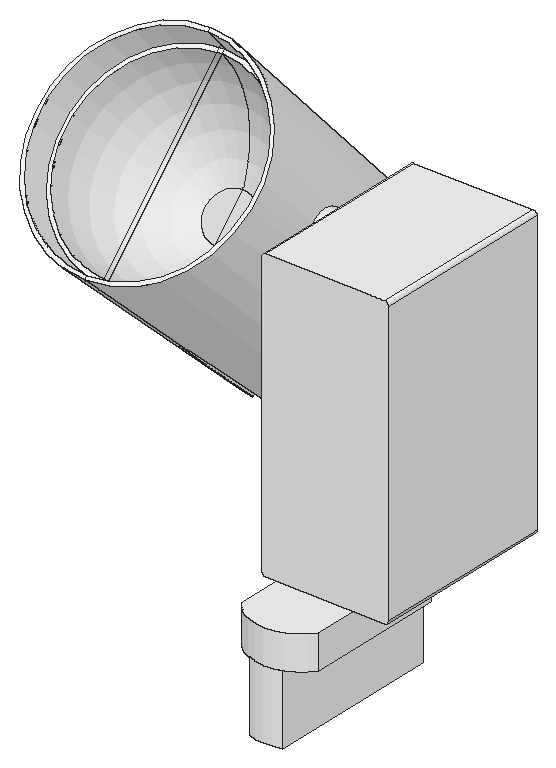
Revit family "0004862 Feilo Sylvania Lighting Fixture START TRACK SPOT S 24W 3K RA90 NB WHITE", category Lighting Fixtures, host Face, Revit 2017 (continued)
Definition of nested family "Start Track Spot Head"
  Types (96, lengths in mm): name | Wattage | built-in parameter 1150134 | Photometric Web File | Model | built-in parameter 1150105 | Lumens | built-in parameter 1150107 | built-in parameter 1150106 | HeadThickness_FEILO | HeadRibOffset_FEILO | HeadRibDepth_FEILO | HeadRibCutWidth_FEILO | HeadRibCutOffset_FEILO | HeadReflectorRadius_FEILO | HeadReflectorOffset_FEILO | HeadLEDRadius_FEILO | HeadHeight_FEILO | HeadDiffusorOffset_FEILO | HeadDiaOut_FEILO | HeadDiaIn_FEILO | HeadAxisFromTop_FEILO | Emit from Circle Diameter | built-in parameter 1150104 | Description | Apparent Load
    0004864 START TRACK SPOT S 24W 3K RA90 WB WHITE | 24 W | (empty or 0) | "0004864.ies" | "START TRACK SPOT S 24W 3K RA90 WB WHITE" | 152.79 (stored number, unit not read) | 1920 lm | 3000 (stored number, unit not read) | 1.5279 (stored number, unit not read) | 1.5 | 4.179 | 55.714 | 7.167 | 50.87 | 50.588 | 55.714 | 9.556 | 117 | 9.435 | 86 | 77.477 | 69.354 | 77.477 | 7.4322 (stored number, unit not read) | "Integrated LED spotlight, Textured White - RAL9016, compact and minimalist design, ideal for retail applications, die-cast aluminium body, passive cooling heatsink. Beam angle: 64°, color temperature: 3000K , total system power: 24W, total fixture output: 1928 lm, LOR: 100%, colour rendering: Ra: 90 typical, LED Chromaticity: 3 step MacAdam ellipse, lifetime: >50000 hours at L70B50, energy class: A++, A+, A, IR/UV free light source without heat radiation, operating voltage: 220-240V / 50-60Hz, drive current: 600mA, electronic driver, non-dimmable, power factor: 0.95, electrical protection: Class II, Global Track 3 Phase adapter suitable for Global trac 3-circuit tracks, ingress protection rating: IP20, suitable for internal environment only, horizontal rotation: 355°, vertical tilt: 90°, dimensions: Ø86x140x200, weight: 0.966kg." | 24 VA
    0004863 START TRACK SPOT S 24W 3K RA90 MB WHITE | 24 W | (empty or 0) | "0004863.ies" | "START TRACK SPOT S 24W 3K RA90 MB WHITE" | 154.7 (stored number, unit not read) | 1944 lm | 3000 (stored number, unit not read) | 1.547 (stored number, unit not read) | 1.5 | 4.179 | 55.714 | 7.167 | 50.87 | 50.588 | 55.714 | 9.556 | 117 | 9.435 | 86 | 77.477 | 69.354 | 77.477 | 7.5251 (stored number, unit not read) | "Integrated LED spotlight, Textured White - RAL9016, compact and minimalist design, ideal for retail applications, die-cast aluminium body, passive cooling heatsink. Beam angle: 36°, color temperature: 3000K , total system power: 24W, total fixture output: 1944 lm, LOR: 100%, colour rendering: Ra: 90 typical, LED Chromaticity: 3 step MacAdam ellipse, lifetime: >50000 hours at L70B50, energy class: A++, A+, A, IR/UV free light source without heat radiation, operating voltage: 220-240V / 50-60Hz, drive current: 600mA, electronic driver, non-dimmable, power factor: 0.95, electrical protection: Class II, Global Track 3 Phase adapter suitable for Global trac 3-circuit tracks, ingress protection rating: IP20, suitable for internal environment only, horizontal rotation: 355°, vertical tilt: 90°, dimensions: Ø86x140x200, weight: 0.966kg." | 24 VA
    0004862 START TRACK SPOT S 24W 3K RA90 NB WHITE | 24 W | (empty or 0) | "0004862.ies" | "START TRACK SPOT S 24W 3K RA90 NB WHITE" | 158.52 (stored number, unit not read) | 1992 lm | 3000 (stored number, unit not read) | 1.5852 (stored number, unit not read) | 1.5 | 4.179 | 55.714 | 7.167 | 50.87 | 50.588 | 55.714 | 9.556 | 117 | 9.435 | 86 | 77.477 | 69.354 | 77.477 | 7.711 (stored number, unit not read) | "Integrated LED spotlight, Textured White - RAL9016, compact and minimalist design, ideal for retail applications, die-cast aluminium body, passive cooling heatsink. Beam angle: 12°, color temperature: 3000K , total system power: 24W, total fixture output: 1987 lm, LOR: 100%, colour rendering: Ra: 90 typical, LED Chromaticity: 3 step MacAdam ellipse, lifetime: >50000 hours at L70B50, energy class: A++, A+, A, IR/UV free light source without heat radiation, operating voltage: 220-240V / 50-60Hz, drive current: 600mA, electronic driver, non-dimmable, power factor: 0.95, electrical protection: Class II, Global Track 3 Phase adapter suitable for Global trac 3-circuit tracks, ingress protection rating: IP20, suitable for internal environment only, horizontal rotation: 355°, vertical tilt: 90°, dimensions: Ø86x140x200, weight: 0.966kg." | 24 VA
    0004861 START TRACK SPOT S 14W 3K RA90 WB WHITE | 14 W | (empty or 0) | "0004861.ies" | "START TRACK SPOT S 14W 3K RA90 WB WHITE" | 100.27 (stored number, unit not read) | 1260 lm | 3000 (stored number, unit not read) | 1.0027 (stored number, unit not read) | 1.5 | 4.179 | 55.714 | 7.167 | 50.87 | 50.588 | 55.714 | 9.556 | 117 | 9.435 | 86 | 77.477 | 69.354 | 77.477 | 8.3613 (stored number, unit not read) | "Integrated LED spotlight, Textured White - RAL9016, compact and minimalist design, ideal for retail applications, die-cast aluminium body, passive cooling heatsink. Beam angle: 64°, color temperature: 3000K , total system power: 14W, total fixture output: 1262 lm, LOR: 100%, colour rendering: Ra: 90 typical, LED Chromaticity: 3 step MacAdam ellipse, lifetime: >50000 hours at L70B50, energy class: A++, A+, A, IR/UV free light source without heat radiation, operating voltage: 220-240V / 50-60Hz, drive current: 350mA, electronic driver, non-dimmable, power factor: 0.92, electrical protection: Class II, Global Track 3 Phase adapter suitable for Global trac 3-circuit tracks, ingress protection rating: IP20, suitable for internal environment only, horizontal rotation: 355°, vertical tilt: 90°, dimensions: Ø86x140x200, weight: 0.940kg." | 14 VA
    0004860 START TRACK SPOT S 14W 3K RA90 MB WHITE | 14 W | (empty or 0) | "0004860.ies" | "START TRACK SPOT S 14W 3K RA90 MB WHITE" | 100.27 (stored number, unit not read) | 1260 lm | 3000 (stored number, unit not read) | 1.0027 (stored number, unit not read) | 1.5 | 4.179 | 55.714 | 7.167 | 50.87 | 50.588 | 55.714 | 9.556 | 117 | 9.435 | 86 | 77.477 | 69.354 | 77.477 | 8.3613 (stored number, unit not read) | "Integrated LED spotlight, Textured White - RAL9016, compact and minimalist design, ideal for retail applications, die-cast aluminium body, passive cooling heatsink. Beam angle: 36°, color temperature: 3000K , total system power: 14W, total fixture output: 1262 lm, LOR: 100%, colour rendering: Ra: 90 typical, LED Chromaticity: 3 step MacAdam ellipse, lifetime: >50000 hours at L70B50, energy class: A++, A+, A, IR/UV free light source without heat radiation, operating voltage: 220-240V / 50-60Hz, drive current: 350mA, electronic driver, non-dimmable, power factor: 0.92, electrical protection: Class II, Global Track 3 Phase adapter suitable for Global trac 3-circuit tracks, ingress protection rating: IP20, suitable for internal environment only, horizontal rotation: 355°, vertical tilt: 90°, dimensions: Ø86x140x200, weight: 0.940kg." | 14 VA
    0004859 START TRACK SPOT S 14W 3K RA90 NB WHITE | 14 W | (empty or 0) | "0004859.ies" | "START TRACK SPOT S 14W 3K RA90 NB WHITE" | 102.5 (stored number, unit not read) | 1288 lm | 3000 (stored number, unit not read) | 1.025 (stored number, unit not read) | 1.5 | 4.179 | 55.714 | 7.167 | 50.87 | 50.588 | 55.714 | 9.556 | 117 | 9.435 | 86 | 77.477 | 69.354 | 77.477 | 8.5471 (stored number, unit not read) | "Integrated LED spotlight, Textured White - RAL9016, compact and minimalist design, ideal for retail applications, die-cast aluminium body, passive cooling heatsink. Beam angle: 12°, color temperature: 3000K , total system power: 14W, total fixture output: 1284 lm, LOR: 100%, colour rendering: Ra: 90 typical, LED Chromaticity: 3 step MacAdam ellipse, lifetime: >50000 hours at L70B50, energy class: A++, A+, A, IR/UV free light source without heat radiation, operating voltage: 220-240V / 50-60Hz, drive current: 350mA, electronic driver, non-dimmable, power factor: 0.92, electrical protection: Class II, Global Track 3 Phase adapter suitable for Global trac 3-circuit tracks, ingress protection rating: IP20, suitable for internal environment only, horizontal rotation: 355°, vertical tilt: 90°, dimensions: Ø86x140x200, weight: 0.940kg." | 14 VA
    0004858 START TRACK SPOT L 55W 4K RA80 WB BLACK | 55 W | 12 | "0004858.ies" | "START TRACK SPOT L 55W 4K RA80 WB BLACK" | 424.55 (stored number, unit not read) | 5335 lm | 4000 (stored number, unit not read) | 4.2455 (stored number, unit not read) | 2 | 4.429 | 59.048 | 9.417 | 53.913 | 66.471 | 59.048 | 12.556 | 124 | 10 | 113 | 101.802 | 73.503 | 101.802 | 9.0116 (stored number, unit not read) | "Integrated LED spotlight, Textured Black - RAL9005, compact and minimalist design, ideal for retail applications, die-cast aluminium body, passive cooling heatsink. Beam angle: 52°, color temperature: 4000K , total system power: 55W, total fixture output: 5320 lm, LOR: 100%, colour rendering: Ra: 80 typical, LED Chromaticity: 3 step MacAdam ellipse, lifetime: >50000 hours at L70B50, energy class: A++, A+, A, IR/UV free light source without heat radiation, operating voltage: 220-240V / 50-60Hz, drive current: 1400mA, electronic driver, non-dimmable, power factor: 0.96, electrical protection: Class II, Global Track 3 Phase adapter suitable for Global trac 3-circuit tracks, ingress protection rating: IP20, suitable for internal environment only, horizontal rotation: 355°, vertical tilt: 90°, dimensions: Ø113x164x240, weight: 1.398kg." | 55 VA
    0004857 START TRACK SPOT L 55W 4K RA80 MB BLACK | 55 W | 12 | "0004857.ies" | "START TRACK SPOT L 55W 4K RA80 MB BLACK" | 428.92 (stored number, unit not read) | 5390 lm | 4000 (stored number, unit not read) | 4.2892 (stored number, unit not read) | 2 | 4.429 | 59.048 | 9.417 | 53.913 | 66.471 | 59.048 | 12.556 | 124 | 10 | 113 | 101.802 | 73.503 | 101.802 | 9.1045 (stored number, unit not read) | "Integrated LED spotlight, Textured Black - RAL9005, compact and minimalist design, ideal for retail applications, die-cast aluminium body, passive cooling heatsink. Beam angle: 38°, color temperature: 4000K , total system power: 55W, total fixture output: 5378 lm, LOR: 100%, colour rendering: Ra: 80 typical, LED Chromaticity: 3 step MacAdam ellipse, lifetime: >50000 hours at L70B50, energy class: A++, A+, A, IR/UV free light source without heat radiation, operating voltage: 220-240V / 50-60Hz, drive current: 1400mA, electronic driver, non-dimmable, power factor: 0.96, electrical protection: Class II, Global Track 3 Phase adapter suitable for Global trac 3-circuit tracks, ingress protection rating: IP20, suitable for internal environment only, horizontal rotation: 355°, vertical tilt: 90°, dimensions: Ø113x164x240, weight: 1.398kg." | 55 VA
    0004856 START TRACK SPOT L 55W 4K RA80 NB BLACK | 55 W | 12 | "0004856.ies" | "START TRACK SPOT L 55W 4K RA80 NB BLACK" | 433.3 (stored number, unit not read) | 5445 lm | 4000 (stored number, unit not read) | 4.333 (stored number, unit not read) | 2 | 4.429 | 59.048 | 9.417 | 53.913 | 66.471 | 59.048 | 12.556 | 124 | 10 | 113 | 101.802 | 73.503 | 101.802 | 9.1974 (stored number, unit not read) | "Integrated LED spotlight, Textured Black - RAL9005, compact and minimalist design, ideal for retail applications, die-cast aluminium body, passive cooling heatsink. Beam angle: 15°, color temperature: 4000K , total system power: 55W, total fixture output: 5426 lm, LOR: 100%, colour rendering: Ra: 80 typical, LED Chromaticity: 3 step MacAdam ellipse, lifetime: >50000 hours at L70B50, energy class: A++, A+, A, IR/UV free light source without heat radiation, operating voltage: 220-240V / 50-60Hz, drive current: 1400mA, electronic driver, non-dimmable, power factor: 0.96, electrical protection: Class II, Global Track 3 Phase adapter suitable for Global trac 3-circuit tracks, ingress protection rating: IP20, suitable for internal environment only, horizontal rotation: 355°, vertical tilt: 90°, dimensions: Ø113x164x240, weight: 1.398kg." | 55 VA
    0004855 START TRACK SPOT L 35W 4K RA80 WB BLACK | 35 W | 12 | "0004855.ies" | "START TRACK SPOT L 35W 4K RA80 WB BLACK" | 320.3 (stored number, unit not read) | 4025 lm | 4000 (stored number, unit not read) | 3.203 (stored number, unit not read) | 2 | 4.429 | 59.048 | 9.417 | 53.913 | 66.471 | 59.048 | 12.556 | 124 | 10 | 113 | 101.802 | 73.503 | 101.802 | 10.684 (stored number, unit not read) | "Integrated LED spotlight, Textured Black - RAL9005, compact and minimalist design, ideal for retail applications, die-cast aluminium body, passive cooling heatsink. Beam angle: 52°, color temperature: 4000K , total system power: 35W, total fixture output: 4010 lm, LOR: 100%, colour rendering: Ra: 80 typical, LED Chromaticity: 3 step MacAdam ellipse, lifetime: >50000 hours at L70B50, energy class: A++, A+, A, IR/UV free light source without heat radiation, operating voltage: 220-240V / 50-60Hz, drive current: 900mA, electronic driver, non-dimmable, power factor: 0.93, electrical protection: Class II, Global Track 3 Phase adapter suitable for Global trac 3-circuit tracks, ingress protection rating: IP20, suitable for internal environment only, horizontal rotation: 355°, vertical tilt: 90°, dimensions: Ø113x164x240, weight: 1.368kg." | 35 VA
    0004854 START TRACK SPOT L 35W 4K RA80 MB BLACK | 35 W | 12 | "0004854.ies" | "START TRACK SPOT L 35W 4K RA80 MB BLACK" | 320.3 (stored number, unit not read) | 4025 lm | 4000 (stored number, unit not read) | 3.203 (stored number, unit not read) | 2 | 4.429 | 59.048 | 9.417 | 53.913 | 66.471 | 59.048 | 12.556 | 124 | 10 | 113 | 101.802 | 73.503 | 101.802 | 10.684 (stored number, unit not read) | "Integrated LED spotlight, Textured Black - RAL9005, compact and minimalist design, ideal for retail applications, die-cast aluminium body, passive cooling heatsink. Beam angle: 38°, color temperature: 4000K , total system power: 35W, total fixture output: 4017 lm, LOR: 100%, colour rendering: Ra: 80 typical, LED Chromaticity: 3 step MacAdam ellipse, lifetime: >50000 hours at L70B50, energy class: A++, A+, A, IR/UV free light source without heat radiation, operating voltage: 220-240V / 50-60Hz, drive current: 900mA, electronic driver, non-dimmable, power factor: 0.93, electrical protection: Class II, Global Track 3 Phase adapter suitable for Global trac 3-circuit tracks, ingress protection rating: IP20, suitable for internal environment only, horizontal rotation: 355°, vertical tilt: 90°, dimensions: Ø113x164x240, weight: 1.368kg." | 35 VA
    0004853 START TRACK SPOT L 35W 4K RA80 NB BLACK | 35 W | 12 | "0004853.ies" | "START TRACK SPOT L 35W 4K RA80 NB BLACK" | 331.44 (stored number, unit not read) | 4165 lm | 4000 (stored number, unit not read) | 3.3144 (stored number, unit not read) | 2 | 4.429 | 59.048 | 9.417 | 53.913 | 66.471 | 59.048 | 12.556 | 124 | 10 | 113 | 101.802 | 73.503 | 101.802 | 11.055 (stored number, unit not read) | "Integrated LED spotlight, Textured Black - RAL9005, compact and minimalist design, ideal for retail applications, die-cast aluminium body, passive cooling heatsink. Beam angle: 15°, color temperature: 4000K , total system power: 35W, total fixture output: 4174 lm, LOR: 100%, colour rendering: Ra: 80 typical, LED Chromaticity: 3 step MacAdam ellipse, lifetime: >50000 hours at L70B50, energy class: A++, A+, A, IR/UV free light source without heat radiation, operating voltage: 220-240V / 50-60Hz, drive current: 900mA, electronic driver, non-dimmable, power factor: 0.93, electrical protection: Class II, Global Track 3 Phase adapter suitable for Global trac 3-circuit tracks, ingress protection rating: IP20, suitable for internal environment only, horizontal rotation: 355°, vertical tilt: 90°, dimensions: Ø113x164x240, weight: 1.368kg." | 35 VA
    0004852 START TRACK SPOT S 24W 4K RA80 WB BLACK | 24 W | 12 | "0004852.ies" | "START TRACK SPOT S 24W 4K RA80 WB BLACK" | 196.72 (stored number, unit not read) | 2472 lm | 4000 (stored number, unit not read) | 1.9672 (stored number, unit not read) | 1.5 | 4.179 | 55.714 | 7.167 | 50.87 | 50.588 | 55.714 | 9.556 | 117 | 9.435 | 86 | 77.477 | 69.354 | 77.477 | 9.569 (stored number, unit not read) | "Integrated LED spotlight, Textured Black - RAL9005, compact and minimalist design, ideal for retail applications, die-cast aluminium body, passive cooling heatsink. Beam angle: 64°, color temperature: 4000K , total system power: 24W, total fixture output: 2476 lm, LOR: 100%, colour rendering: Ra: 80 typical, LED Chromaticity: 3 step MacAdam ellipse, lifetime: >50000 hours at L70B50, energy class: A++, A+, A, IR/UV free light source without heat radiation, operating voltage: 220-240V / 50-60Hz, drive current: 600mA, electronic driver, non-dimmable, power factor: 0.95, electrical protection: Class II, Global Track 3 Phase adapter suitable for Global trac 3-circuit tracks, ingress protection rating: IP20, suitable for internal environment only, horizontal rotation: 355°, vertical tilt: 90°, dimensions: Ø86x140x200, weight: 0.966kg." | 24 VA
    0004851 START TRACK SPOT S 24W 4K RA80 MB BLACK | 24 W | 12 | "0004851.ies" | "START TRACK SPOT S 24W 4K RA80 MB BLACK" | 198.63 (stored number, unit not read) | 2496 lm | 4000 (stored number, unit not read) | 1.9863 (stored number, unit not read) | 1.5 | 4.179 | 55.714 | 7.167 | 50.87 | 50.588 | 55.714 | 9.556 | 117 | 9.435 | 86 | 77.477 | 69.354 | 77.477 | 9.6619 (stored number, unit not read) | "Integrated LED spotlight, Textured Black - RAL9005, compact and minimalist design, ideal for retail applications, die-cast aluminium body, passive cooling heatsink. Beam angle: 36°, color temperature: 4000K , total system power: 24W, total fixture output: 2487 lm, LOR: 100%, colour rendering: Ra: 80 typical, LED Chromaticity: 3 step MacAdam ellipse, lifetime: >50000 hours at L70B50, energy class: A++, A+, A, IR/UV free light source without heat radiation, operating voltage: 220-240V / 50-60Hz, drive current: 600mA, electronic driver, non-dimmable, power factor: 0.95, electrical protection: Class II, Global Track 3 Phase adapter suitable for Global trac 3-circuit tracks, ingress protection rating: IP20, suitable for internal environment only, horizontal rotation: 355°, vertical tilt: 90°, dimensions: Ø86x140x200, weight: 0.966kg." | 24 VA
    0004850 START TRACK SPOT S 24W 4K RA80 NB BLACK | 24 W | 12 | "0004850.ies" | "START TRACK SPOT S 24W 4K RA80 NB BLACK" | 200.54 (stored number, unit not read) | 2520 lm | 4000 (stored number, unit not read) | 2.0054 (stored number, unit not read) | 1.5 | 4.179 | 55.714 | 7.167 | 50.87 | 50.588 | 55.714 | 9.556 | 117 | 9.435 | 86 | 77.477 | 69.354 | 77.477 | 9.7548 (stored number, unit not read) | "Integrated LED spotlight, Textured Black - RAL9005, compact and minimalist design, ideal for retail applications, die-cast aluminium body, passive cooling heatsink. Beam angle: 12°, color temperature: 4000K , total system power: 24W, total fixture output: 2529 lm, LOR: 100%, colour rendering: Ra: 80 typical, LED Chromaticity: 3 step MacAdam ellipse, lifetime: >50000 hours at L70B50, energy class: A++, A+, A, IR/UV free light source without heat radiation, operating voltage: 220-240V / 50-60Hz, drive current: 600mA, electronic driver, non-dimmable, power factor: 0.95, electrical protection: Class II, Global Track 3 Phase adapter suitable for Global trac 3-circuit tracks, ingress protection rating: IP20, suitable for internal environment only, horizontal rotation: 355°, vertical tilt: 90°, dimensions: Ø86x140x200, weight: 0.966kg." | 24 VA
    0004849 START TRACK SPOT S 14W 4K RA80 WB BLACK | 14 W | 12 | "0004849.ies" | "START TRACK SPOT S 14W 4K RA80 WB BLACK" | 123.66 (stored number, unit not read) | 1554 lm | 4000 (stored number, unit not read) | 1.2366 (stored number, unit not read) | 1.5 | 4.179 | 55.714 | 7.167 | 50.87 | 50.588 | 55.714 | 9.556 | 117 | 9.435 | 86 | 77.477 | 69.354 | 77.477 | 10.312 (stored number, unit not read) | "Integrated LED spotlight, Textured Black - RAL9005, compact and minimalist design, ideal for retail applications, die-cast aluminium body, passive cooling heatsink. Beam angle: 64°, color temperature: 4000K , total system power: 14W, total fixture output: 1558 lm, LOR: 100%, colour rendering: Ra: 80 typical, LED Chromaticity: 3 step MacAdam ellipse, lifetime: >50000 hours at L70B50, energy class: A++, A+, A, IR/UV free light source without heat radiation, operating voltage: 220-240V / 50-60Hz, drive current: 350mA, electronic driver, non-dimmable, power factor: 0.92, electrical protection: Class II, Global Track 3 Phase adapter suitable for Global trac 3-circuit tracks, ingress protection rating: IP20, suitable for internal environment only, horizontal rotation: 355°, vertical tilt: 90°, dimensions: Ø86x140x200, weight: 0.940kg." | 14 VA
    0004848 START TRACK SPOT S 14W 4K RA80 MB BLACK | 14 W | 12 | "0004848.ies" | "START TRACK SPOT S 14W 4K RA80 MB BLACK" | 127.01 (stored number, unit not read) | 1596 lm | 4000 (stored number, unit not read) | 1.2701 (stored number, unit not read) | 1.5 | 4.179 | 55.714 | 7.167 | 50.87 | 50.588 | 55.714 | 9.556 | 117 | 9.435 | 86 | 77.477 | 69.354 | 77.477 | 10.591 (stored number, unit not read) | "Integrated LED spotlight, Textured Black - RAL9005, compact and minimalist design, ideal for retail applications, die-cast aluminium body, passive cooling heatsink. Beam angle: 36°, color temperature: 4000K , total system power: 14W, total fixture output: 1598 lm, LOR: 100%, colour rendering: Ra: 80 typical, LED Chromaticity: 3 step MacAdam ellipse, lifetime: >50000 hours at L70B50, energy class: A++, A+, A, IR/UV free light source without heat radiation, operating voltage: 220-240V / 50-60Hz, drive current: 350mA, electronic driver, non-dimmable, power factor: 0.92, electrical protection: Class II, Global Track 3 Phase adapter suitable for Global trac 3-circuit tracks, ingress protection rating: IP20, suitable for internal environment only, horizontal rotation: 355°, vertical tilt: 90°, dimensions: Ø86x140x200, weight: 0.940kg." | 14 VA
    0004847 START TRACK SPOT S 14W 4K RA80 NB BLACK | 14 W | 12 | "0004847.ies" | "START TRACK SPOT S 14W 4K RA80 NB BLACK" | 128.12 (stored number, unit not read) | 1610 lm | 4000 (stored number, unit not read) | 1.2812 (stored number, unit not read) | 1.5 | 4.179 | 55.714 | 7.167 | 50.87 | 50.588 | 55.714 | 9.556 | 117 | 9.435 | 86 | 77.477 | 69.354 | 77.477 | 10.684 (stored number, unit not read) | "Integrated LED spotlight, Textured Black - RAL9005, compact and minimalist design, ideal for retail applications, die-cast aluminium body, passive cooling heatsink. Beam angle: 12°, color temperature: 4000K , total system power: 14W, total fixture output: 1608 lm, LOR: 100%, colour rendering: Ra: 80 typical, LED Chromaticity: 3 step MacAdam ellipse, lifetime: >50000 hours at L70B50, energy class: A++, A+, A, IR/UV free light source without heat radiation, operating voltage: 220-240V / 50-60Hz, drive current: 350mA, electronic driver, non-dimmable, power factor: 0.92, electrical protection: Class II, Global Track 3 Phase adapter suitable for Global trac 3-circuit tracks, ingress protection rating: IP20, suitable for internal environment only, horizontal rotation: 355°, vertical tilt: 90°, dimensions: Ø86x140x200, weight: 0.940kg." | 14 VA
    0004846 START TRACK SPOT L 55W 3K RA80 WB BLACK | 55 W | (empty or 0) | "0004846.ies" | "START TRACK SPOT L 55W 3K RA80 WB BLACK" | 420.17 (stored number, unit not read) | 5280 lm | 3000 (stored number, unit not read) | 4.2017 (stored number, unit not read) | 2 | 4.429 | 59.048 | 9.417 | 53.913 | 66.471 | 59.048 | 12.556 | 124 | 10 | 113 | 101.802 | 73.503 | 101.802 | 8.9187 (stored number, unit not read) | "Integrated LED spotlight, Textured Black - RAL9005, compact and minimalist design, ideal for retail applications, die-cast aluminium body, passive cooling heatsink. Beam angle: 52°, color temperature: 3000K , total system power: 55W, total fixture output: 5298 lm, LOR: 100%, colour rendering: Ra: 80 typical, LED Chromaticity: 3 step MacAdam ellipse, lifetime: >50000 hours at L70B50, energy class: A++, A+, A, IR/UV free light source without heat radiation, operating voltage: 220-240V / 50-60Hz, drive current: 1400mA, electronic driver, non-dimmable, power factor: 0.96, electrical protection: Class II, Global Track 3 Phase adapter suitable for Global trac 3-circuit tracks, ingress protection rating: IP20, suitable for internal environment only, horizontal rotation: 355°, vertical tilt: 90°, dimensions: Ø113x164x240, weight: 1.398kg." | 55 VA
    0004845 START TRACK SPOT L 55W 3K RA80 MB BLACK | 55 W | (empty or 0) | "0004845.ies" | "START TRACK SPOT L 55W 3K RA80 MB BLACK" | 428.92 (stored number, unit not read) | 5390 lm | 3000 (stored number, unit not read) | 4.2892 (stored number, unit not read) | 2 | 4.429 | 59.048 | 9.417 | 53.913 | 66.471 | 59.048 | 12.556 | 124 | 10 | 113 | 101.802 | 73.503 | 101.802 | 9.1045 (stored number, unit not read) | "Integrated LED spotlight, Textured Black - RAL9005, compact and minimalist design, ideal for retail applications, die-cast aluminium body, passive cooling heatsink. Beam angle: 38°, color temperature: 3000K , total system power: 55W, total fixture output: 5381 lm, LOR: 100%, colour rendering: Ra: 80 typical, LED Chromaticity: 3 step MacAdam ellipse, lifetime: >50000 hours at L70B50, energy class: A++, A+, A, IR/UV free light source without heat radiation, operating voltage: 220-240V / 50-60Hz, drive current: 1400mA, electronic driver, non-dimmable, power factor: 0.96, electrical protection: Class II, Global Track 3 Phase adapter suitable for Global trac 3-circuit tracks, ingress protection rating: IP20, suitable for internal environment only, horizontal rotation: 355°, vertical tilt: 90°, dimensions: Ø113x164x240, weight: 1.398kg." | 55 VA
    0004844 START TRACK SPOT L 55W 3K RA80 NB BLACK | 55 W | (empty or 0) | "0004844.ies" | "START TRACK SPOT L 55W 3K RA80 NB BLACK" | 433.3 (stored number, unit not read) | 5445 lm | 3000 (stored number, unit not read) | 4.333 (stored number, unit not read) | 2 | 4.429 | 59.048 | 9.417 | 53.913 | 66.471 | 59.048 | 12.556 | 124 | 10 | 113 | 101.802 | 73.503 | 101.802 | 9.1974 (stored number, unit not read) | "Integrated LED spotlight, Textured Black - RAL9005, compact and minimalist design, ideal for retail applications, die-cast aluminium body, passive cooling heatsink. Beam angle: 15°, color temperature: 3000K , total system power: 55W, total fixture output: 5449 lm, LOR: 100%, colour rendering: Ra: 80 typical, LED Chromaticity: 3 step MacAdam ellipse, lifetime: >50000 hours at L70B50, energy class: A++, A+, A, IR/UV free light source without heat radiation, operating voltage: 220-240V / 50-60Hz, drive current: 1400mA, electronic driver, non-dimmable, power factor: 0.96, electrical protection: Class II, Global Track 3 Phase adapter suitable for Global trac 3-circuit tracks, ingress protection rating: IP20, suitable for internal environment only, horizontal rotation: 355°, vertical tilt: 90°, dimensions: Ø113x164x240, weight: 1.398kg." | 55 VA
    0004843 START TRACK SPOT L 35W 3K RA80 WB BLACK | 35 W | (empty or 0) | "0004843.ies" | "START TRACK SPOT L 35W 3K RA80 WB BLACK" | 314.73 (stored number, unit not read) | 3955 lm | 3000 (stored number, unit not read) | 3.1473 (stored number, unit not read) | 2 | 4.429 | 59.048 | 9.417 | 53.913 | 66.471 | 59.048 | 12.556 | 124 | 10 | 113 | 101.802 | 73.503 | 101.802 | 10.498 (stored number, unit not read) | "Integrated LED spotlight, Textured Black - RAL9005, compact and minimalist design, ideal for retail applications, die-cast aluminium body, passive cooling heatsink. Beam angle: 52°, color temperature: 3000K , total system power: 35W, total fixture output: 3943 lm, LOR: 100%, colour rendering: Ra: 80 typical, LED Chromaticity: 3 step MacAdam ellipse, lifetime: >50000 hours at L70B50, energy class: A++, A+, A, IR/UV free light source without heat radiation, operating voltage: 220-240V / 50-60Hz, drive current: 900mA, electronic driver, non-dimmable, power factor: 0.93, electrical protection: Class II, Global Track 3 Phase adapter suitable for Global trac 3-circuit tracks, ingress protection rating: IP20, suitable for internal environment only, horizontal rotation: 355°, vertical tilt: 90°, dimensions: Ø113x164x240, weight: 1.368kg." | 35 VA
    0004842 START TRACK SPOT L 35W 3K RA80 MB BLACK | 35 W | (empty or 0) | "0004842.ies" | "START TRACK SPOT L 35W 3K RA80 MB BLACK" | 320.3 (stored number, unit not read) | 4025 lm | 3000 (stored number, unit not read) | 3.203 (stored number, unit not read) | 2 | 4.429 | 59.048 | 9.417 | 53.913 | 66.471 | 59.048 | 12.556 | 124 | 10 | 113 | 101.802 | 73.503 | 101.802 | 10.684 (stored number, unit not read) | "Integrated LED spotlight, Textured Black - RAL9005, compact and minimalist design, ideal for retail applications, die-cast aluminium body, passive cooling heatsink. Beam angle: 38°, color temperature: 3000K , total system power: 35W, total fixture output: 4008 lm, LOR: 100%, colour rendering: Ra: 80 typical, LED Chromaticity: 3 step MacAdam ellipse, lifetime: >50000 hours at L70B50, energy class: A++, A+, A, IR/UV free light source without heat radiation, operating voltage: 220-240V / 50-60Hz, drive current: 900mA, electronic driver, non-dimmable, power factor: 0.93, electrical protection: Class II, Global Track 3 Phase adapter suitable for Global trac 3-circuit tracks, ingress protection rating: IP20, suitable for internal environment only, horizontal rotation: 355°, vertical tilt: 90°, dimensions: Ø113x164x240, weight: 1.368kg." | 35 VA
    0004841 START TRACK SPOT L 35W 3K RA80 NB BLACK | 35 W | (empty or 0) | "0004841.ies" | "START TRACK SPOT L 35W 3K RA80 NB BLACK" | 317.51 (stored number, unit not read) | 3990 lm | 3000 (stored number, unit not read) | 3.1751 (stored number, unit not read) | 2 | 4.429 | 59.048 | 9.417 | 53.913 | 66.471 | 59.048 | 12.556 | 124 | 10 | 113 | 101.802 | 73.503 | 101.802 | 10.591 (stored number, unit not read) | "Integrated LED spotlight, Textured Black - RAL9005, compact and minimalist design, ideal for retail applications, die-cast aluminium body, passive cooling heatsink. Beam angle: 15°, color temperature: 3000K , total system power: 35W, total fixture output: 4005 lm, LOR: 100%, colour rendering: Ra: 80 typical, LED Chromaticity: 3 step MacAdam ellipse, lifetime: >50000 hours at L70B50, energy class: A++, A+, A, IR/UV free light source without heat radiation, operating voltage: 220-240V / 50-60Hz, drive current: 900mA, electronic driver, non-dimmable, power factor: 0.93, electrical protection: Class II, Global Track 3 Phase adapter suitable for Global trac 3-circuit tracks, ingress protection rating: IP20, suitable for internal environment only, horizontal rotation: 355°, vertical tilt: 90°, dimensions: Ø113x164x240, weight: 1.368kg." | 35 VA
    0004840 START TRACK SPOT S 24W 3K RA80 WB BLACK | 24 W | (empty or 0) | "0004840.ies" | "START TRACK SPOT S 24W 3K RA80 WB BLACK" | 185.26 (stored number, unit not read) | 2328 lm | 3000 (stored number, unit not read) | 1.8526 (stored number, unit not read) | 1.5 | 4.179 | 55.714 | 7.167 | 50.87 | 50.588 | 55.714 | 9.556 | 117 | 9.435 | 86 | 77.477 | 69.354 | 77.477 | 9.0116 (stored number, unit not read) | "Integrated LED spotlight, Textured Black - RAL9005, compact and minimalist design, ideal for retail applications, die-cast aluminium body, passive cooling heatsink. Beam angle: 64°, color temperature: 3000K , total system power: 24W, total fixture output: 2318 lm, LOR: 100%, colour rendering: Ra: 80 typical, LED Chromaticity: 3 step MacAdam ellipse, lifetime: >50000 hours at L70B50, energy class: A++, A+, A, IR/UV free light source without heat radiation, operating voltage: 220-240V / 50-60Hz, drive current: 600mA, electronic driver, non-dimmable, power factor: 0.95, electrical protection: Class II, Global Track 3 Phase adapter suitable for Global trac 3-circuit tracks, ingress protection rating: IP20, suitable for internal environment only, horizontal rotation: 355°, vertical tilt: 90°, dimensions: Ø86x140x200, weight: 0.966kg." | 24 VA
    0004839 START TRACK SPOT S 24W 3K RA80 MB BLACK | 24 W | (empty or 0) | "0004839.ies" | "START TRACK SPOT S 24W 3K RA80 MB BLACK" | 183.35 (stored number, unit not read) | 2304 lm | 3000 (stored number, unit not read) | 1.8335 (stored number, unit not read) | 1.5 | 4.179 | 55.714 | 7.167 | 50.87 | 50.588 | 55.714 | 9.556 | 117 | 9.435 | 86 | 77.477 | 69.354 | 77.477 | 8.9187 (stored number, unit not read) | "Integrated LED spotlight, Textured Black - RAL9005, compact and minimalist design, ideal for retail applications, die-cast aluminium body, passive cooling heatsink. Beam angle: 36°, color temperature: 3000K , total system power: 24W, total fixture output: 2314 lm, LOR: 100%, colour rendering: Ra: 80 typical, LED Chromaticity: 3 step MacAdam ellipse, lifetime: >50000 hours at L70B50, energy class: A++, A+, A, IR/UV free light source without heat radiation, operating voltage: 220-240V / 50-60Hz, drive current: 600mA, electronic driver, non-dimmable, power factor: 0.95, electrical protection: Class II, Global Track 3 Phase adapter suitable for Global trac 3-circuit tracks, ingress protection rating: IP20, suitable for internal environment only, horizontal rotation: 355°, vertical tilt: 90°, dimensions: Ø86x140x200, weight: 0.966kg." | 24 VA
    0004838 START TRACK SPOT S 24W 3K RA80 NB BLACK | 24 W | (empty or 0) | "0004838.ies" | "START TRACK SPOT S 24W 3K RA80 NB BLACK" | 185.26 (stored number, unit not read) | 2328 lm | 3000 (stored number, unit not read) | 1.8526 (stored number, unit not read) | 1.5 | 4.179 | 55.714 | 7.167 | 50.87 | 50.588 | 55.714 | 9.556 | 117 | 9.435 | 86 | 77.477 | 69.354 | 77.477 | 9.0116 (stored number, unit not read) | "Integrated LED spotlight, Textured Black - RAL9005, compact and minimalist design, ideal for retail applications, die-cast aluminium body, passive cooling heatsink. Beam angle: 12°, color temperature: 3000K , total system power: 24W, total fixture output: 2334 lm, LOR: 100%, colour rendering: Ra: 80 typical, LED Chromaticity: 3 step MacAdam ellipse, lifetime: >50000 hours at L70B50, energy class: A++, A+, A, IR/UV free light source without heat radiation, operating voltage: 220-240V / 50-60Hz, drive current: 600mA, electronic driver, non-dimmable, power factor: 0.95, electrical protection: Class II, Global Track 3 Phase adapter suitable for Global trac 3-circuit tracks, ingress protection rating: IP20, suitable for internal environment only, horizontal rotation: 355°, vertical tilt: 90°, dimensions: Ø86x140x200, weight: 0.966kg." | 24 VA
    0004837 START TRACK SPOT S 14W 3K RA80 WB BLACK | 14 W | (empty or 0) | "0004837.ies" | "START TRACK SPOT S 14W 3K RA80 WB BLACK" | 119.21 (stored number, unit not read) | 1498 lm | 3000 (stored number, unit not read) | 1.1921 (stored number, unit not read) | 1.5 | 4.179 | 55.714 | 7.167 | 50.87 | 50.588 | 55.714 | 9.556 | 117 | 9.435 | 86 | 77.477 | 69.354 | 77.477 | 9.9406 (stored number, unit not read) | "Integrated LED spotlight, Textured Black - RAL9005, compact and minimalist design, ideal for retail applications, die-cast aluminium body, passive cooling heatsink. Beam angle: 64°, color temperature: 3000K , total system power: 14W, total fixture output: 1498 lm, LOR: 100%, colour rendering: Ra: 80 typical, LED Chromaticity: 3 step MacAdam ellipse, lifetime: >50000 hours at L70B50, energy class: A++, A+, A, IR/UV free light source without heat radiation, operating voltage: 220-240V / 50-60Hz, drive current: 350mA, electronic driver, non-dimmable, power factor: 0.92, electrical protection: Class II, Global Track 3 Phase adapter suitable for Global trac 3-circuit tracks, ingress protection rating: IP20, suitable for internal environment only, horizontal rotation: 355°, vertical tilt: 90°, dimensions: Ø86x140x200, weight: 0.940kg." | 14 VA
    0004836 START TRACK SPOT S 14W 3K RA80 MB BLACK | 14 W | (empty or 0) | "0004836.ies" | "START TRACK SPOT S 14W 3K RA80 MB BLACK" | 120.32 (stored number, unit not read) | 1512 lm | 3000 (stored number, unit not read) | 1.2032 (stored number, unit not read) | 1.5 | 4.179 | 55.714 | 7.167 | 50.87 | 50.588 | 55.714 | 9.556 | 117 | 9.435 | 86 | 77.477 | 69.354 | 77.477 | 10.034 (stored number, unit not read) | "Integrated LED spotlight, Textured Black - RAL9005, compact and minimalist design, ideal for retail applications, die-cast aluminium body, passive cooling heatsink. Beam angle: 36°, color temperature: 3000K , total system power: 14W, total fixture output: 1508 lm, LOR: 100%, colour rendering: Ra: 80 typical, LED Chromaticity: 3 step MacAdam ellipse, lifetime: >50000 hours at L70B50, energy class: A++, A+, A, IR/UV free light source without heat radiation, operating voltage: 220-240V / 50-60Hz, drive current: 350mA, electronic driver, non-dimmable, power factor: 0.92, electrical protection: Class II, Global Track 3 Phase adapter suitable for Global trac 3-circuit tracks, ingress protection rating: IP20, suitable for internal environment only, horizontal rotation: 355°, vertical tilt: 90°, dimensions: Ø86x140x200, weight: 0.940kg." | 14 VA
    0004835 START TRACK SPOT S 14W 3K RA80 NB BLACK | 14 W | (empty or 0) | "0004835.ies" | "START TRACK SPOT S 14W 3K RA80 NB BLACK" | 123.66 (stored number, unit not read) | 1554 lm | 3000 (stored number, unit not read) | 1.2366 (stored number, unit not read) | 1.5 | 4.179 | 55.714 | 7.167 | 50.87 | 50.588 | 55.714 | 9.556 | 117 | 9.435 | 86 | 77.477 | 69.354 | 77.477 | 10.312 (stored number, unit not read) | "Integrated LED spotlight, Textured Black - RAL9005, compact and minimalist design, ideal for retail applications, die-cast aluminium body, passive cooling heatsink. Beam angle: 12°, color temperature: 3000K , total system power: 14W, total fixture output: 1551 lm, LOR: 100%, colour rendering: Ra: 80 typical, LED Chromaticity: 3 step MacAdam ellipse, lifetime: >50000 hours at L70B50, energy class: A++, A+, A, IR/UV free light source without heat radiation, operating voltage: 220-240V / 50-60Hz, drive current: 350mA, electronic driver, non-dimmable, power factor: 0.92, electrical protection: Class II, Global Track 3 Phase adapter suitable for Global trac 3-circuit tracks, ingress protection rating: IP20, suitable for internal environment only, horizontal rotation: 355°, vertical tilt: 90°, dimensions: Ø86x140x200, weight: 0.940kg." | 14 VA
    0004834 START TRACK SPOT L 55W 4K RA80 WB WHITE | 55 W | 12 | "0004834.ies" | "START TRACK SPOT L 55W 4K RA80 WB WHITE" | 424.55 (stored number, unit not read) | 5335 lm | 4000 (stored number, unit not read) | 4.2455 (stored number, unit not read) | 2 | 4.429 | 59.048 | 9.417 | 53.913 | 66.471 | 59.048 | 12.556 | 124 | 10 | 113 | 101.802 | 73.503 | 101.802 | 9.0116 (stored number, unit not read) | "Integrated LED spotlight, Textured White - RAL9016, compact and minimalist design, ideal for retail applications, die-cast aluminium body, passive cooling heatsink. Beam angle: 52°, color temperature: 4000K , total system power: 55W, total fixture output: 5320 lm, LOR: 100%, colour rendering: Ra: 80 typical, LED Chromaticity: 3 step MacAdam ellipse, lifetime: >50000 hours at L70B50, energy class: A++, A+, A, IR/UV free light source without heat radiation, operating voltage: 220-240V / 50-60Hz, drive current: 1400mA, electronic driver, non-dimmable, power factor: 0.96, electrical protection: Class II, Global Track 3 Phase adapter suitable for Global trac 3-circuit tracks, ingress protection rating: IP20, suitable for internal environment only, horizontal rotation: 355°, vertical tilt: 90°, dimensions: Ø113x164x240, weight: 1.398kg." | 55 VA
    0004833 START TRACK SPOT L 55W 4K RA80 MB WHITE | 55 W | 12 | "0004833.ies" | "START TRACK SPOT L 55W 4K RA80 MB WHITE" | 428.92 (stored number, unit not read) | 5390 lm | 4000 (stored number, unit not read) | 4.2892 (stored number, unit not read) | 2 | 4.429 | 59.048 | 9.417 | 53.913 | 66.471 | 59.048 | 12.556 | 124 | 10 | 113 | 101.802 | 73.503 | 101.802 | 9.1045 (stored number, unit not read) | "Integrated LED spotlight, Textured White - RAL9016, compact and minimalist design, ideal for retail applications, die-cast aluminium body, passive cooling heatsink. Beam angle: 38°, color temperature: 4000K , total system power: 55W, total fixture output: 5378 lm, LOR: 100%, colour rendering: Ra: 80 typical, LED Chromaticity: 3 step MacAdam ellipse, lifetime: >50000 hours at L70B50, energy class: A++, A+, A, IR/UV free light source without heat radiation, operating voltage: 220-240V / 50-60Hz, drive current: 1400mA, electronic driver, non-dimmable, power factor: 0.96, electrical protection: Class II, Global Track 3 Phase adapter suitable for Global trac 3-circuit tracks, ingress protection rating: IP20, suitable for internal environment only, horizontal rotation: 355°, vertical tilt: 90°, dimensions: Ø113x164x240, weight: 1.398kg." | 55 VA
    0004832 START TRACK SPOT L 55W 4K RA80 NB WHITE | 55 W | 12 | "0004832.ies" | "START TRACK SPOT L 55W 4K RA80 NB WHITE" | 433.3 (stored number, unit not read) | 5445 lm | 4000 (stored number, unit not read) | 4.333 (stored number, unit not read) | 2 | 4.429 | 59.048 | 9.417 | 53.913 | 66.471 | 59.048 | 12.556 | 124 | 10 | 113 | 101.802 | 73.503 | 101.802 | 9.1974 (stored number, unit not read) | "Integrated LED spotlight, Textured White - RAL9016, compact and minimalist design, ideal for retail applications, die-cast aluminium body, passive cooling heatsink. Beam angle: 15°, color temperature: 4000K , total system power: 55W, total fixture output: 5426 lm, LOR: 100%, colour rendering: Ra: 80 typical, LED Chromaticity: 3 step MacAdam ellipse, lifetime: >50000 hours at L70B50, energy class: A++, A+, A, IR/UV free light source without heat radiation, operating voltage: 220-240V / 50-60Hz, drive current: 1400mA, electronic driver, non-dimmable, power factor: 0.96, electrical protection: Class II, Global Track 3 Phase adapter suitable for Global trac 3-circuit tracks, ingress protection rating: IP20, suitable for internal environment only, horizontal rotation: 355°, vertical tilt: 90°, dimensions: Ø113x164x240, weight: 1.398kg." | 55 VA
    0004831 START TRACK SPOT L 35W 4K RA80 WB WHITE | 35 W | 12 | "0004831.ies" | "START TRACK SPOT L 35W 4K RA80 WB WHITE" | 320.3 (stored number, unit not read) | 4025 lm | 4000 (stored number, unit not read) | 3.203 (stored number, unit not read) | 2 | 4.429 | 59.048 | 9.417 | 53.913 | 66.471 | 59.048 | 12.556 | 124 | 10 | 113 | 101.802 | 73.503 | 101.802 | 10.684 (stored number, unit not read) | "Integrated LED spotlight, Textured White - RAL9016, compact and minimalist design, ideal for retail applications, die-cast aluminium body, passive cooling heatsink. Beam angle: 52°, color temperature: 4000K , total system power: 35W, total fixture output: 4010 lm, LOR: 100%, colour rendering: Ra: 80 typical, LED Chromaticity: 3 step MacAdam ellipse, lifetime: >50000 hours at L70B50, energy class: A++, A+, A, IR/UV free light source without heat radiation, operating voltage: 220-240V / 50-60Hz, drive current: 900mA, electronic driver, non-dimmable, power factor: 0.93, electrical protection: Class II, Global Track 3 Phase adapter suitable for Global trac 3-circuit tracks, ingress protection rating: IP20, suitable for internal environment only, horizontal rotation: 355°, vertical tilt: 90°, dimensions: Ø113x164x240, weight: 1.368kg." | 35 VA
    0004830 START TRACK SPOT L 35W 4K RA80 MB WHITE | 35 W | 12 | "0004830.ies" | "START TRACK SPOT L 35W 4K RA80 MB WHITE" | 320.3 (stored number, unit not read) | 4025 lm | 4000 (stored number, unit not read) | 3.203 (stored number, unit not read) | 2 | 4.429 | 59.048 | 9.417 | 53.913 | 66.471 | 59.048 | 12.556 | 124 | 10 | 113 | 101.802 | 73.503 | 101.802 | 10.684 (stored number, unit not read) | "Integrated LED spotlight, Textured White - RAL9016, compact and minimalist design, ideal for retail applications, die-cast aluminium body, passive cooling heatsink. Beam angle: 38°, color temperature: 4000K , total system power: 35W, total fixture output: 4017 lm, LOR: 100%, colour rendering: Ra: 80 typical, LED Chromaticity: 3 step MacAdam ellipse, lifetime: >50000 hours at L70B50, energy class: A++, A+, A, IR/UV free light source without heat radiation, operating voltage: 220-240V / 50-60Hz, drive current: 900mA, electronic driver, non-dimmable, power factor: 0.93, electrical protection: Class II, Global Track 3 Phase adapter suitable for Global trac 3-circuit tracks, ingress protection rating: IP20, suitable for internal environment only, horizontal rotation: 355°, vertical tilt: 90°, dimensions: Ø113x164x240, weight: 1.368kg." | 35 VA
    0004829 START TRACK SPOT L 35W 4K RA80 NB WHITE | 35 W | 12 | "0004829.ies" | "START TRACK SPOT L 35W 4K RA80 NB WHITE" | 331.44 (stored number, unit not read) | 4165 lm | 4000 (stored number, unit not read) | 3.3144 (stored number, unit not read) | 2 | 4.429 | 59.048 | 9.417 | 53.913 | 66.471 | 59.048 | 12.556 | 124 | 10 | 113 | 101.802 | 73.503 | 101.802 | 11.055 (stored number, unit not read) | "Integrated LED spotlight, Textured White - RAL9016, compact and minimalist design, ideal for retail applications, die-cast aluminium body, passive cooling heatsink. Beam angle: 15°, color temperature: 4000K , total system power: 35W, total fixture output: 4174 lm, LOR: 100%, colour rendering: Ra: 80 typical, LED Chromaticity: 3 step MacAdam ellipse, lifetime: >50000 hours at L70B50, energy class: A++, A+, A, IR/UV free light source without heat radiation, operating voltage: 220-240V / 50-60Hz, drive current: 900mA, electronic driver, non-dimmable, power factor: 0.93, electrical protection: Class II, Global Track 3 Phase adapter suitable for Global trac 3-circuit tracks, ingress protection rating: IP20, suitable for internal environment only, horizontal rotation: 355°, vertical tilt: 90°, dimensions: Ø113x164x240, weight: 1.368kg." | 35 VA
    0004828 START TRACK SPOT S 24W 4K RA80 WB WHITE | 24 W | 12 | "0004828.ies" | "START TRACK SPOT S 24W 4K RA80 WB WHITE" | 196.72 (stored number, unit not read) | 2472 lm | 4000 (stored number, unit not read) | 1.9672 (stored number, unit not read) | 1.5 | 4.179 | 55.714 | 7.167 | 50.87 | 50.588 | 55.714 | 9.556 | 117 | 9.435 | 86 | 77.477 | 69.354 | 77.477 | 9.569 (stored number, unit not read) | "Integrated LED spotlight, Textured White - RAL9016, compact and minimalist design, ideal for retail applications, die-cast aluminium body, passive cooling heatsink. Beam angle: 64°, color temperature: 4000K , total system power: 24W, total fixture output: 2476 lm, LOR: 100%, colour rendering: Ra: 80 typical, LED Chromaticity: 3 step MacAdam ellipse, lifetime: >50000 hours at L70B50, energy class: A++, A+, A, IR/UV free light source without heat radiation, operating voltage: 220-240V / 50-60Hz, drive current: 600mA, electronic driver, non-dimmable, power factor: 0.95, electrical protection: Class II, Global Track 3 Phase adapter suitable for Global trac 3-circuit tracks, ingress protection rating: IP20, suitable for internal environment only, horizontal rotation: 355°, vertical tilt: 90°, dimensions: Ø86x140x200, weight: 0.966kg." | 24 VA
    0004827 START TRACK SPOT S 24W 4K RA80 MB WHITE | 24 W | 12 | "0004827.ies" | "START TRACK SPOT S 24W 4K RA80 MB WHITE" | 198.63 (stored number, unit not read) | 2496 lm | 4000 (stored number, unit not read) | 1.9863 (stored number, unit not read) | 1.5 | 4.179 | 55.714 | 7.167 | 50.87 | 50.588 | 55.714 | 9.556 | 117 | 9.435 | 86 | 77.477 | 69.354 | 77.477 | 9.6619 (stored number, unit not read) | "Integrated LED spotlight, Textured White - RAL9016, compact and minimalist design, ideal for retail applications, die-cast aluminium body, passive cooling heatsink. Beam angle: 36°, color temperature: 4000K , total system power: 24W, total fixture output: 2487 lm, LOR: 100%, colour rendering: Ra: 80 typical, LED Chromaticity: 3 step MacAdam ellipse, lifetime: >50000 hours at L70B50, energy class: A++, A+, A, IR/UV free light source without heat radiation, operating voltage: 220-240V / 50-60Hz, drive current: 600mA, electronic driver, non-dimmable, power factor: 0.95, electrical protection: Class II, Global Track 3 Phase adapter suitable for Global trac 3-circuit tracks, ingress protection rating: IP20, suitable for internal environment only, horizontal rotation: 355°, vertical tilt: 90°, dimensions: Ø86x140x200, weight: 0.966kg." | 24 VA
    0004826 START TRACK SPOT S 24W 4K RA80 NB WHITE | 24 W | 12 | "0004826.ies" | "START TRACK SPOT S 24W 4K RA80 NB WHITE" | 200.54 (stored number, unit not read) | 2520 lm | 4000 (stored number, unit not read) | 2.0054 (stored number, unit not read) | 1.5 | 4.179 | 55.714 | 7.167 | 50.87 | 50.588 | 55.714 | 9.556 | 117 | 9.435 | 86 | 77.477 | 69.354 | 77.477 | 9.7548 (stored number, unit not read) | "Integrated LED spotlight, Textured White - RAL9016, compact and minimalist design, ideal for retail applications, die-cast aluminium body, passive cooling heatsink. Beam angle: 12°, color temperature: 4000K , total system power: 24W, total fixture output: 2529 lm, LOR: 100%, colour rendering: Ra: 80 typical, LED Chromaticity: 3 step MacAdam ellipse, lifetime: >50000 hours at L70B50, energy class: A++, A+, A, IR/UV free light source without heat radiation, operating voltage: 220-240V / 50-60Hz, drive current: 600mA, electronic driver, non-dimmable, power factor: 0.95, electrical protection: Class II, Global Track 3 Phase adapter suitable for Global trac 3-circuit tracks, ingress protection rating: IP20, suitable for internal environment only, horizontal rotation: 355°, vertical tilt: 90°, dimensions: Ø86x140x200, weight: 0.966kg." | 24 VA
    0004825 START TRACK SPOT S 14W 4K RA80 WB WHITE | 14 W | 12 | "0004825.ies" | "START TRACK SPOT S 14W 4K RA80 WB WHITE" | 123.66 (stored number, unit not read) | 1554 lm | 4000 (stored number, unit not read) | 1.2366 (stored number, unit not read) | 1.5 | 4.179 | 55.714 | 7.167 | 50.87 | 50.588 | 55.714 | 9.556 | 117 | 9.435 | 86 | 77.477 | 69.354 | 77.477 | 10.312 (stored number, unit not read) | "Integrated LED spotlight, Textured White - RAL9016, compact and minimalist design, ideal for retail applications, die-cast aluminium body, passive cooling heatsink. Beam angle: 64°, color temperature: 4000K , total system power: 14W, total fixture output: 1558 lm, LOR: 100%, colour rendering: Ra: 80 typical, LED Chromaticity: 3 step MacAdam ellipse, lifetime: >50000 hours at L70B50, energy class: A++, A+, A, IR/UV free light source without heat radiation, operating voltage: 220-240V / 50-60Hz, drive current: 350mA, electronic driver, non-dimmable, power factor: 0.92, electrical protection: Class II, Global Track 3 Phase adapter suitable for Global trac 3-circuit tracks, ingress protection rating: IP20, suitable for internal environment only, horizontal rotation: 355°, vertical tilt: 90°, dimensions: Ø86x140x200, weight: 0.940kg." | 14 VA
    0004824 START TRACK SPOT S 14W 4K RA80 MB WHITE | 14 W | 12 | "0004824.ies" | "START TRACK SPOT S 14W 4K RA80 MB WHITE" | 127.01 (stored number, unit not read) | 1596 lm | 4000 (stored number, unit not read) | 1.2701 (stored number, unit not read) | 1.5 | 4.179 | 55.714 | 7.167 | 50.87 | 50.588 | 55.714 | 9.556 | 117 | 9.435 | 86 | 77.477 | 69.354 | 77.477 | 10.591 (stored number, unit not read) | "Integrated LED spotlight, Textured White - RAL9016, compact and minimalist design, ideal for retail applications, die-cast aluminium body, passive cooling heatsink. Beam angle: 36°, color temperature: 4000K , total system power: 14W, total fixture output: 1598 lm, LOR: 100%, colour rendering: Ra: 80 typical, LED Chromaticity: 3 step MacAdam ellipse, lifetime: >50000 hours at L70B50, energy class: A++, A+, A, IR/UV free light source without heat radiation, operating voltage: 220-240V / 50-60Hz, drive current: 350mA, electronic driver, non-dimmable, power factor: 0.92, electrical protection: Class II, Global Track 3 Phase adapter suitable for Global trac 3-circuit tracks, ingress protection rating: IP20, suitable for internal environment only, horizontal rotation: 355°, vertical tilt: 90°, dimensions: Ø86x140x200, weight: 0.940kg." | 14 VA
    0004823 START TRACK SPOT S 14W 4K RA80 NB WHITE | 14 W | 12 | "0004823.ies" | "START TRACK SPOT S 14W 4K RA80 NB WHITE" | 128.12 (stored number, unit not read) | 1610 lm | 4000 (stored number, unit not read) | 1.2812 (stored number, unit not read) | 1.5 | 4.179 | 55.714 | 7.167 | 50.87 | 50.588 | 55.714 | 9.556 | 117 | 9.435 | 86 | 77.477 | 69.354 | 77.477 | 10.684 (stored number, unit not read) | "Integrated LED spotlight, Textured White - RAL9016, compact and minimalist design, ideal for retail applications, die-cast aluminium body, passive cooling heatsink. Beam angle: 12°, color temperature: 4000K , total system power: 14W, total fixture output: 1608 lm, LOR: 100%, colour rendering: Ra: 80 typical, LED Chromaticity: 3 step MacAdam ellipse, lifetime: >50000 hours at L70B50, energy class: A++, A+, A, IR/UV free light source without heat radiation, operating voltage: 220-240V / 50-60Hz, drive current: 350mA, electronic driver, non-dimmable, power factor: 0.92, electrical protection: Class II, Global Track 3 Phase adapter suitable for Global trac 3-circuit tracks, ingress protection rating: IP20, suitable for internal environment only, horizontal rotation: 355°, vertical tilt: 90°, dimensions: Ø86x140x200, weight: 0.940kg." | 14 VA
    0004822 START TRACK SPOT L 55W 3K RA80 WB WHITE | 55 W | (empty or 0) | "0004822.ies" | "START TRACK SPOT L 55W 3K RA80 WB WHITE" | 420.17 (stored number, unit not read) | 5280 lm | 3000 (stored number, unit not read) | 4.2017 (stored number, unit not read) | 2 | 4.429 | 59.048 | 9.417 | 53.913 | 66.471 | 59.048 | 12.556 | 124 | 10 | 113 | 101.802 | 73.503 | 101.802 | 8.9187 (stored number, unit not read) | "Integrated LED spotlight, Textured White - RAL9016, compact and minimalist design, ideal for retail applications, die-cast aluminium body, passive cooling heatsink. Beam angle: 52°, color temperature: 3000K , total system power: 55W, total fixture output: 5298 lm, LOR: 100%, colour rendering: Ra: 80 typical, LED Chromaticity: 3 step MacAdam ellipse, lifetime: >50000 hours at L70B50, energy class: A++, A+, A, IR/UV free light source without heat radiation, operating voltage: 220-240V / 50-60Hz, drive current: 1400mA, electronic driver, non-dimmable, power factor: 0.96, electrical protection: Class II, Global Track 3 Phase adapter suitable for Global trac 3-circuit tracks, ingress protection rating: IP20, suitable for internal environment only, horizontal rotation: 355°, vertical tilt: 90°, dimensions: Ø113x164x240, weight: 1.398kg." | 55 VA
    0004821 START TRACK SPOT L 55W 3K RA80 MB WHITE | 55 W | (empty or 0) | "0004821.ies" | "START TRACK SPOT L 55W 3K RA80 MB WHITE" | 428.92 (stored number, unit not read) | 5390 lm | 3000 (stored number, unit not read) | 4.2892 (stored number, unit not read) | 2 | 4.429 | 59.048 | 9.417 | 53.913 | 66.471 | 59.048 | 12.556 | 124 | 10 | 113 | 101.802 | 73.503 | 101.802 | 9.1045 (stored number, unit not read) | "Integrated LED spotlight, Textured White - RAL9016, compact and minimalist design, ideal for retail applications, die-cast aluminium body, passive cooling heatsink. Beam angle: 38°, color temperature: 3000K , total system power: 55W, total fixture output: 5381 lm, LOR: 100%, colour rendering: Ra: 80 typical, LED Chromaticity: 3 step MacAdam ellipse, lifetime: >50000 hours at L70B50, energy class: A++, A+, A, IR/UV free light source without heat radiation, operating voltage: 220-240V / 50-60Hz, drive current: 1400mA, electronic driver, non-dimmable, power factor: 0.96, electrical protection: Class II, Global Track 3 Phase adapter suitable for Global trac 3-circuit tracks, ingress protection rating: IP20, suitable for internal environment only, horizontal rotation: 355°, vertical tilt: 90°, dimensions: Ø113x164x240, weight: 1.398kg." | 55 VA
    0004820 START TRACK SPOT L 55W 3K RA80 NB WHITE | 55 W | (empty or 0) | "0004820.ies" | "START TRACK SPOT L 55W 3K RA80 NB WHITE" | 433.3 (stored number, unit not read) | 5445 lm | 3000 (stored number, unit not read) | 4.333 (stored number, unit not read) | 2 | 4.429 | 59.048 | 9.417 | 53.913 | 66.471 | 59.048 | 12.556 | 124 | 10 | 113 | 101.802 | 73.503 | 101.802 | 9.1974 (stored number, unit not read) | "Integrated LED spotlight, Textured White - RAL9016, compact and minimalist design, ideal for retail applications, die-cast aluminium body, passive cooling heatsink. Beam angle: 15°, color temperature: 3000K , total system power: 55W, total fixture output: 5449 lm, LOR: 100%, colour rendering: Ra: 80 typical, LED Chromaticity: 3 step MacAdam ellipse, lifetime: >50000 hours at L70B50, energy class: A++, A+, A, IR/UV free light source without heat radiation, operating voltage: 220-240V / 50-60Hz, drive current: 1400mA, electronic driver, non-dimmable, power factor: 0.96, electrical protection: Class II, Global Track 3 Phase adapter suitable for Global trac 3-circuit tracks, ingress protection rating: IP20, suitable for internal environment only, horizontal rotation: 355°, vertical tilt: 90°, dimensions: Ø113x164x240, weight: 1.398kg." | 55 VA
    0004819 START TRACK SPOT L 35W 3K RA80 WB WHITE | 35 W | (empty or 0) | "0004819.ies" | "START TRACK SPOT L 35W 3K RA80 WB WHITE" | 314.73 (stored number, unit not read) | 3955 lm | 3000 (stored number, unit not read) | 3.1473 (stored number, unit not read) | 2 | 4.429 | 59.048 | 9.417 | 53.913 | 66.471 | 59.048 | 12.556 | 124 | 10 | 113 | 101.802 | 73.503 | 101.802 | 10.498 (stored number, unit not read) | "Integrated LED spotlight, Textured White - RAL9016, compact and minimalist design, ideal for retail applications, die-cast aluminium body, passive cooling heatsink. Beam angle: 52°, color temperature: 3000K , total system power: 35W, total fixture output: 3943 lm, LOR: 100%, colour rendering: Ra: 80 typical, LED Chromaticity: 3 step MacAdam ellipse, lifetime: >50000 hours at L70B50, energy class: A++, A+, A, IR/UV free light source without heat radiation, operating voltage: 220-240V / 50-60Hz, drive current: 900mA, electronic driver, non-dimmable, power factor: 0.93, electrical protection: Class II, Global Track 3 Phase adapter suitable for Global trac 3-circuit tracks, ingress protection rating: IP20, suitable for internal environment only, horizontal rotation: 355°, vertical tilt: 90°, dimensions: Ø113x164x240, weight: 1.368kg." | 35 VA
    0004818 START TRACK SPOT L 35W 3K RA80 MB WHITE | 35 W | (empty or 0) | "0004818.ies" | "START TRACK SPOT L 35W 3K RA80 MB WHITE" | 320.3 (stored number, unit not read) | 4025 lm | 3000 (stored number, unit not read) | 3.203 (stored number, unit not read) | 2 | 4.429 | 59.048 | 9.417 | 53.913 | 66.471 | 59.048 | 12.556 | 124 | 10 | 113 | 101.802 | 73.503 | 101.802 | 10.684 (stored number, unit not read) | "Integrated LED spotlight, Textured White - RAL9016, compact and minimalist design, ideal for retail applications, die-cast aluminium body, passive cooling heatsink. Beam angle: 38°, color temperature: 3000K , total system power: 35W, total fixture output: 4008 lm, LOR: 100%, colour rendering: Ra: 80 typical, LED Chromaticity: 3 step MacAdam ellipse, lifetime: >50000 hours at L70B50, energy class: A++, A+, A, IR/UV free light source without heat radiation, operating voltage: 220-240V / 50-60Hz, drive current: 900mA, electronic driver, non-dimmable, power factor: 0.93, electrical protection: Class II, Global Track 3 Phase adapter suitable for Global trac 3-circuit tracks, ingress protection rating: IP20, suitable for internal environment only, horizontal rotation: 355°, vertical tilt: 90°, dimensions: Ø113x164x240, weight: 1.368kg." | 35 VA
    0004817 START TRACK SPOT L 35W 3K RA80 NB WHITE | 35 W | (empty or 0) | "0004817.ies" | "START TRACK SPOT L 35W 3K RA80 NB WHITE" | 317.51 (stored number, unit not read) | 3990 lm | 3000 (stored number, unit not read) | 3.1751 (stored number, unit not read) | 2 | 4.429 | 59.048 | 9.417 | 53.913 | 66.471 | 59.048 | 12.556 | 124 | 10 | 113 | 101.802 | 73.503 | 101.802 | 10.591 (stored number, unit not read) | "Integrated LED spotlight, Textured White - RAL9016, compact and minimalist design, ideal for retail applications, die-cast aluminium body, passive cooling heatsink. Beam angle: 15°, color temperature: 3000K , total system power: 35W, total fixture output: 4005 lm, LOR: 100%, colour rendering: Ra: 80 typical, LED Chromaticity: 3 step MacAdam ellipse, lifetime: >50000 hours at L70B50, energy class: A++, A+, A, IR/UV free light source without heat radiation, operating voltage: 220-240V / 50-60Hz, drive current: 900mA, electronic driver, non-dimmable, power factor: 0.93, electrical protection: Class II, Global Track 3 Phase adapter suitable for Global trac 3-circuit tracks, ingress protection rating: IP20, suitable for internal environment only, horizontal rotation: 355°, vertical tilt: 90°, dimensions: Ø113x164x240, weight: 1.368kg." | 35 VA
    0004816 START TRACK SPOT S 24W 3K RA80 WB WHITE | 24 W | (empty or 0) | "0004816.ies" | "START TRACK SPOT S 24W 3K RA80 WB WHITE" | 185.26 (stored number, unit not read) | 2328 lm | 3000 (stored number, unit not read) | 1.8526 (stored number, unit not read) | 1.5 | 4.179 | 55.714 | 7.167 | 50.87 | 50.588 | 55.714 | 9.556 | 117 | 9.435 | 86 | 77.477 | 69.354 | 77.477 | 9.0116 (stored number, unit not read) | "Integrated LED spotlight, Textured White - RAL9016, compact and minimalist design, ideal for retail applications, die-cast aluminium body, passive cooling heatsink. Beam angle: 64°, color temperature: 3000K , total system power: 24W, total fixture output: 2318 lm, LOR: 100%, colour rendering: Ra: 80 typical, LED Chromaticity: 3 step MacAdam ellipse, lifetime: >50000 hours at L70B50, energy class: A++, A+, A, IR/UV free light source without heat radiation, operating voltage: 220-240V / 50-60Hz, drive current: 600mA, electronic driver, non-dimmable, power factor: 0.95, electrical protection: Class II, Global Track 3 Phase adapter suitable for Global trac 3-circuit tracks, ingress protection rating: IP20, suitable for internal environment only, horizontal rotation: 355°, vertical tilt: 90°, dimensions: Ø86x140x200, weight: 0.966kg." | 24 VA
    0004815 START TRACK SPOT S 24W 3K RA80 MB WHITE | 24 W | (empty or 0) | "0004815.ies" | "START TRACK SPOT S 24W 3K RA80 MB WHITE" | 183.35 (stored number, unit not read) | 2304 lm | 3000 (stored number, unit not read) | 1.8335 (stored number, unit not read) | 1.5 | 4.179 | 55.714 | 7.167 | 50.87 | 50.588 | 55.714 | 9.556 | 117 | 9.435 | 86 | 77.477 | 69.354 | 77.477 | 8.9187 (stored number, unit not read) | "Integrated LED spotlight, Textured White - RAL9016, compact and minimalist design, ideal for retail applications, die-cast aluminium body, passive cooling heatsink. Beam angle: 36°, color temperature: 3000K , total system power: 24W, total fixture output: 2314 lm, LOR: 100%, colour rendering: Ra: 80 typical, LED Chromaticity: 3 step MacAdam ellipse, lifetime: >50000 hours at L70B50, energy class: A++, A+, A, IR/UV free light source without heat radiation, operating voltage: 220-240V / 50-60Hz, drive current: 600mA, electronic driver, non-dimmable, power factor: 0.95, electrical protection: Class II, Global Track 3 Phase adapter suitable for Global trac 3-circuit tracks, ingress protection rating: IP20, suitable for internal environment only, horizontal rotation: 355°, vertical tilt: 90°, dimensions: Ø86x140x200, weight: 0.966kg." | 24 VA
    0004814 START TRACK SPOT S 24W 3K RA80 NB WHITE | 24 W | (empty or 0) | "0004814.ies" | "START TRACK SPOT S 24W 3K RA80 NB WHITE" | 185.26 (stored number, unit not read) | 2328 lm | 3000 (stored number, unit not read) | 1.8526 (stored number, unit not read) | 1.5 | 4.179 | 55.714 | 7.167 | 50.87 | 50.588 | 55.714 | 9.556 | 117 | 9.435 | 86 | 77.477 | 69.354 | 77.477 | 9.0116 (stored number, unit not read) | "Integrated LED spotlight, Textured White - RAL9016, compact and minimalist design, ideal for retail applications, die-cast aluminium body, passive cooling heatsink. Beam angle: 12°, color temperature: 3000K , total system power: 24W, total fixture output: 2334 lm, LOR: 100%, colour rendering: Ra: 80 typical, LED Chromaticity: 3 step MacAdam ellipse, lifetime: >50000 hours at L70B50, energy class: A++, A+, A, IR/UV free light source without heat radiation, operating voltage: 220-240V / 50-60Hz, drive current: 600mA, electronic driver, non-dimmable, power factor: 0.95, electrical protection: Class II, Global Track 3 Phase adapter suitable for Global trac 3-circuit tracks, ingress protection rating: IP20, suitable for internal environment only, horizontal rotation: 355°, vertical tilt: 90°, dimensions: Ø86x140x200, weight: 0.966kg." | 24 VA
    0004813 START TRACK SPOT S 14W 3K RA80 WB WHITE | 14 W | (empty or 0) | "0004813.ies" | "START TRACK SPOT S 14W 3K RA80 WB WHITE" | 119.21 (stored number, unit not read) | 1498 lm | 3000 (stored number, unit not read) | 1.1921 (stored number, unit not read) | 1.5 | 4.179 | 55.714 | 7.167 | 50.87 | 50.588 | 55.714 | 9.556 | 117 | 9.435 | 86 | 77.477 | 69.354 | 77.477 | 9.9406 (stored number, unit not read) | "Integrated LED spotlight, Textured White - RAL9016, compact and minimalist design, ideal for retail applications, die-cast aluminium body, passive cooling heatsink. Beam angle: 64°, color temperature: 3000K , total system power: 14W, total fixture output: 1498 lm, LOR: 100%, colour rendering: Ra: 80 typical, LED Chromaticity: 3 step MacAdam ellipse, lifetime: >50000 hours at L70B50, energy class: A++, A+, A, IR/UV free light source without heat radiation, operating voltage: 220-240V / 50-60Hz, drive current: 350mA, electronic driver, non-dimmable, power factor: 0.92, electrical protection: Class II, Global Track 3 Phase adapter suitable for Global trac 3-circuit tracks, ingress protection rating: IP20, suitable for internal environment only, horizontal rotation: 355°, vertical tilt: 90°, dimensions: Ø86x140x200, weight: 0.940kg." | 14 VA
